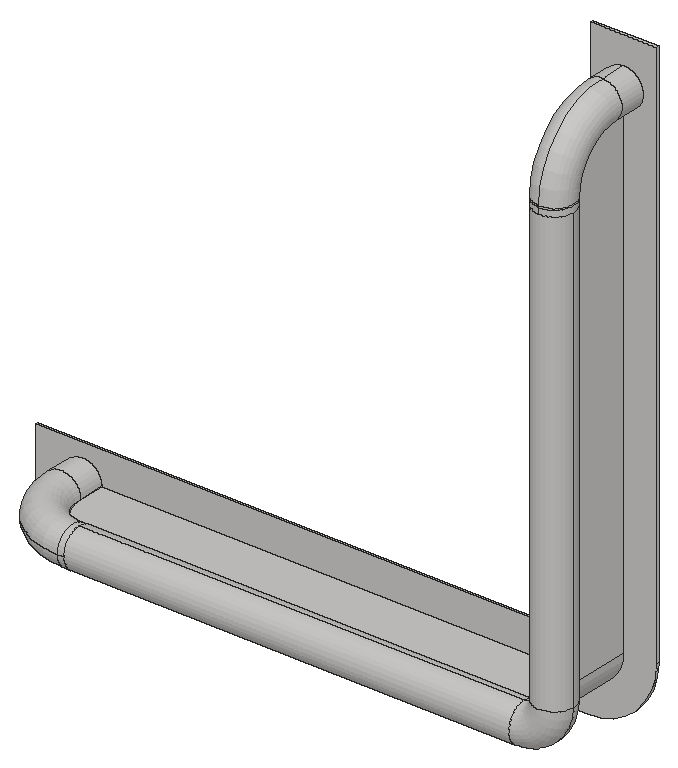
Revit family "Specialty Equipment_Grab Rail_Metlam_MLR 112-AL", category Specialty Equipment, Revit 2014
Parameters (values of type "450w x 450h x 90d")
  URL = "http://www.metlam.com.au/"
  Type Comments = "Grab Rails"  # constant formula
  ModifiedIssue_ANZRS = 20151029  # constant formula
  Model = "MLR 112-AL"
  Manufacturer_Overall Width = 450 mm  # constant formula
  Grab Rail Material = z_Metlam_Stainless Steel
  Manufacturer_URL__Product Specific = "http://metlam.com.au/product/content/anti-ligature-products/MLR112-AL"
  Manufacturer_URL_Home Page = "http://www.metlam.com.au/"
  Manufacturer_Spec Code = Model  # "MLR 112-AL"
  Manufacturer_Overall Height = 450 mm  # constant formula
  Manufacturer_Overall Depth = 90 mm  # constant formula
  Manufacturer_Height From FFL [instance] = 805 mm
  Manufacturer = "Metlam"  # constant formula
  Keynote = ""
  Description = "90° Ambulant Anti- Ligature Grab Rail"  # constant formula
  CreatedBy_ANZRS = "IGS - BIM Solutions"  # constant formula
  CreatedByURL_ANZRS = "http://www.igsgroup.com.au/"
  Assembly Code = "C1030200"
Reference planes
  plane 1 "Back": y = 0
  plane 2 "Origin": z = 0
  plane 3 "Centre of Grab": z = 789
  plane 4 "Left": x = -850
  plane 5 "Front": y = -90
  plane 6 "Right": x = -400
  plane 7 "Top": z = 1239
  plane 8 "Mounting Height": z = 805
  plane 9 "Center (Front/Back)": x = -625
Forms (mm)
  Sweep 1, solid, material "z_Metlam_Stainless Steel" <- "Grab Rail Material"
    path origin (0, 0, 0) x (1, 0, 0) y (0, 0, 1)
      loop
        line (-795, 789) -> (-425, 789)
        arc (-425, 789) -> (-407.322, 796.322) -> (-400, 814) r 25
        line (-400, 814) -> (-400, 1182.713)
    profile origin (-610, 0, 789) x (0, 0, 1) y (0, -1, 0)
      loop
        circle (0, 74) r 16
  Sweep 2, solid, material "z_Metlam_Stainless Steel" <- "Grab Rail Material"
    path origin (-166.031, 0, 789) x (0, -1, 0) y (1, 0, 0)
      loop
        line (0, -683.969) -> (24, -683.969)
        arc (24, -683.969) -> (59.355, -669.325) -> (74, -633.969) r 50
        line (74, -633.969) -> (74, -628.969)
    profile origin (-797.5, -74, 789) x (0, 1, 0) y (0, 0, 1)
      loop
        circle (0, 0) r 16
  Sweep 3, solid, material "z_Metlam_Stainless Steel" <- "Grab Rail Material"
    path origin (-400, 0, 0) x (0, 1, 0) y (0, 0, 1)
      loop
        line (0, 1239) -> (-24, 1239)
        arc (-24, 1239) -> (-59.355, 1224.355) -> (-74, 1189) r 50
        line (-74, 1189) -> (-74, 1187.713) -> (-74, 1182.713)
    profile origin (-400, -12, 1239) x (0, 0, -1) y (1, 0, 0)
      loop
        circle (0, 0) r 16
  Sweep 4, solid, material "z_Metlam_Stainless Steel" <- "Grab Rail Material"
    path origin (0, 0, 0) x (1, 0, 0) y (0, 0, 1)
      loop
        line (-889, 789) -> (-430, 789)
        arc (-430, 789) -> (-408.787, 797.787) -> (-400, 819) r 30
        line (-400, 819) -> (-400, 1278)
    profile origin (-659.5, 0, 789) x (0, 0, 1) y (0, -1, 0)
      loop
        line (27.5, 0) -> (27.5, 2) -> (-27.5, 2) -> (-27.5, 0) -> (27.5, 0)
  Sweep 5, solid, material "z_Metlam_Stainless Steel" <- "Grab Rail Material"
    path origin (0, 0, 0) x (1, 0, 0) y (0, 0, 1)
      loop
        line (-850, 786.5) -> (-430, 786.5)
        arc (-430, 786.5) -> (-408.787, 795.287) -> (-400, 816.5) r 30
        line (-400, 816.5) -> (-400, 1239)
    profile origin (-640, 0, 786.5) x (0, 0, 1) y (0, -1, 0)
      loop
        line (0.5, 2) -> (2.5, 2) -> (2.5, 58.197) -> (0.5, 58.197) -> (0.5, 2)
Cuts and joins
  joined: Sweep 1, Sweep 2, Sweep 3
Lines and regions (mm)
  Masking region 1
    outline origin (0, 0, 789) x (-1, 0, 0) y (0, -1, 0)
      loop
        line (384, 2) -> (372.5, 2) -> (372.5, 0) -> (889, 0) -> (889, 2) -> (866, 2) -> (866, 24)
        arc (866, 24) -> (846.669, 70.669) -> (800, 90) r 66
        line (800, 90) -> (400, 90)
        arc (400, 90) -> (388.686, 85.314) -> (384, 74) r 16
        line (384, 74) -> (384, 2)
  Masking region 2
    outline origin (0, -90, 0) x (-1, 0, 0) y (0, 0, 1)
      loop
        arc (430, 816.5) -> (428.232, 817.232) -> (427.5, 819) r 2.5
        line (427.5, 819) -> (427.5, 1278) -> (372.5, 1278) -> (372.5, 819)
        arc (372.5, 819) -> (389.341, 778.341) -> (430, 761.5) r 57.5
        line (430, 761.5) -> (889, 761.5) -> (889, 816.5) -> (430, 816.5)
  Masking region 3
    outline origin (-850, 0, 0) x (0, 1, 0) y (0, 0, 1)
      loop
        line (-2, 1277.984) -> (-2, 1255) -> (-24.142, 1255)
        arc (-24.142, 1255) -> (-70.711, 1235.711) -> (-90, 1189.142) r 65.858
        line (-90, 1189.142) -> (-90, 789)
        arc (-90, 789) -> (-85.314, 777.686) -> (-74, 773) r 16
        line (-74, 773) -> (-2, 773) -> (-2, 761.5) -> (0, 761.5) -> (0, 1277.984) -> (-2, 1277.984)
  symbolic lines, style "Grab Rails", detail levels medium+fine
    curve 1: line (-383.999, -2, 789) -> (-866, -2, 789)
    curve 2: line (-850, -2, 1255) -> (-850, -2, 773)
    curve 3: arc (-850, -90, 773) -> (-866, -90, 789) -> (-850, -90, 805) r 16
    curve 4: line (-850, -90, 773) -> (-424.977, -90, 773)
    curve 5: line (-425.03, -90, 805) -> (-850, -90, 805)
    curve 6: arc (-850, -74, 773) -> (-850, -77.864, 773.474) -> (-850, -81.5, 774.867) r 16
    curve 7: line (-850, -66.5, 773) -> (-850, -74, 773)
    curve 8: arc (-416, -90, 1239) -> (-400, -90, 1255) -> (-384, -90, 1239) r 16
    curve 9: line (-384, -90, 1239) -> (-384, -90, 813.977)
    curve 10: line (-416, -90, 1239) -> (-416, -90, 814.03)
    curve 11: line (-416, -74, 789) -> (-416, -2, 789)
    curve 12: arc (-416, -74, 789) -> (-411.314, -85.314, 789) -> (-400, -90, 789) r 16
    curve 13: line (-416, -58, 789) -> (-800, -58, 789)
    curve 14: arc (-800, -58, 789) -> (-824.042, -48.042, 789) -> (-834, -24, 789) r 34
    curve 15: line (-834, -24, 789) -> (-834, -2, 789)
    curve 17: arc (-425.03, -90, 805) -> (-418.645, -90, 807.645) -> (-416, -90, 814.03) r 9.03
    curve 18: arc (-384, -90, 813.977) -> (-396.002, -90, 785.002) -> (-424.977, -90, 773) r 40.977
    curve 19: line (-850, -24, 1223) -> (-850, -2, 1223)
    curve 20: arc (-850, -58, 1189) -> (-850, -48.042, 1213.042) -> (-850, -24, 1223) r 34
    curve 21: line (-850, -58, 805) -> (-850, -58, 1189)
    curve 22: line (-850, -2, 805) -> (-850, -58, 805)
  symbolic lines, style "Grab Rails", detail levels fine
    curve 16: line (-427.5, -2, 789) -> (-427.5, 0, 789)
    curve 23: line (-850, 0, 816.5) -> (-850, -2, 816.5)
Text (mm)
  text "Disclaimer:\n\nDue to ongoing product development and manufacturing evolution, product details are subject to change without notice.\n\nPlease refer to product technical data sheets on www.metlam.com.au for the most current product information.\n\nPlease allow a +/- 5mm tolerance for dimensions and set-outs shown in product literature.\n\n© Metlam 2015" at (-59.347, 377.66, 0), in view "Ref. Level_Instruction"
Dimensions and locks
  "Manufacturer_Height From FFL": plane 8 "Mounting Height" to plane 2 "Origin"
  "Manufacturer_Overall Width": plane 4 "Left" to plane 6 "Right"
  "Manufacturer_Overall Depth": plane 5 "Front" to plane 1 "Back"
  "Manufacturer_Overall Height": plane 7 "Top" to plane 3 "Centre of Grab"
  locked: plane 3 "Centre of Grab" to plane 8 "Mounting Height" at 16
  equal spacing: plane 4 "Left", plane 9 "Center (Front/Back)", plane 6 "Right"
  aligned and locked: level to plane 2 "Origin"
Automatic sketch dimensions
  curve 3 to plane 4 "Left" = 0 mm
  plane 1 "Back" to Sweep 1 sketch curve = 74 mm
  profile plane to Sweep 1 sketch curve = 0 mm
  Sweep 2 sketch curve to plane 3 "Centre of Grab" = 0 mm
  Sweep 2 sketch curve to profile plane = 0 mm
  Sweep 3 sketch curve to profile plane = 0 mm
  Sweep 1 sketch curve to plane 3 "Centre of Grab" = 0 mm
  Sweep 1 sketch curve to plane 6 "Right" = 0 mm
  Sweep 1 sketch curve to plane 6 "Right" = 25 mm
  plane 4 "Left" to Sweep 1 sketch curve = 55 mm
  Sweep 1 sketch curve to plane 7 "Top" = 56.287 mm
  Sweep 4 sketch curve to plane 1 "Back" = 0 mm
  profile plane to Sweep 4 sketch curve = 27.5 mm
  plane 1 "Back" to Sweep 4 sketch curve = 2 mm
  plane 1 "Back" to Sweep 2 sketch curve = 0 mm
  Sweep 2 sketch curve to plane 4 "Left" = 0 mm
  plane 1 "Back" to Sweep 2 sketch curve = 24 mm
  plane 5 "Front" to Sweep 2 sketch curve = 16 mm
  Sweep 2 sketch curve to Sweep 2 sketch curve = 5 mm
  Sweep 3 sketch curve to plane 7 "Top" = 0 mm
  Sweep 3 sketch curve to plane 1 "Back" = 0 mm
  Sweep 3 sketch curve to Sweep 3 sketch curve = 24 mm
  plane 5 "Front" to Sweep 3 sketch curve = 16 mm
  Sweep 3 sketch curve to Sweep 3 sketch curve = 1.287 mm
  Sweep 3 sketch curve to Sweep 3 sketch curve = 5 mm
  Sweep 4 sketch curve to plane 3 "Centre of Grab" = 0 mm
  Sweep 4 sketch curve to plane 6 "Right" = 0 mm
  Sweep 4 sketch curve to plane 6 "Right" = 30 mm
  Sweep 4 sketch curve to plane 4 "Left" = 39 mm
  plane 7 "Top" to Sweep 4 sketch curve = 39 mm
  Sweep 5 sketch curve to profile plane = 0.5 mm
  Sweep 5 sketch curve to profile plane = 2.5 mm
  Sweep 5 sketch curve to Sweep 5 sketch curve = 56.197 mm
  plane 1 "Back" to Sweep 5 sketch curve = 2 mm
  Sweep 5 sketch curve to plane 3 "Centre of Grab" = 2.5 mm
  Sweep 5 sketch curve to plane 4 "Left" = 0 mm
  Sweep 5 sketch curve to plane 6 "Right" = 0 mm
  Sweep 5 sketch curve to plane 7 "Top" = 0 mm
  Sweep 5 sketch curve to Sweep 5 sketch curve = 30 mm
  Sweep 4 sketch curve to profile plane = 27.5 mm
  plane 1 "Back" to curve 16 = 0 mm
  plane 6 "Right" to curve 1 = 16.001 mm
  plane 1 "Back" to curve 16 = 2 mm
  curve 11 to curve 16 = 11.5 mm
  curve 1 to plane 4 "Left" = 16 mm
  Sweep 3 sketch curve to plane 6 "Right" = 0 mm
  curve 3 to plane 3 "Centre of Grab" = 0 mm
  curve 4 to curve 3 = 16 mm
  curve 23 to plane 1 "Back" = 0 mm
  plane 1 "Back" to curve 20 = 24 mm
  plane 3 "Centre of Grab" to curve 21 = 16 mm
  plane 5 "Front" to curve 21 = 32 mm
  curve 21 to plane 7 "Top" = 50 mm
  plane 1 "Back" to curve 22 = 2 mm
  curve 22 to curve 23 = 11.5 mm
  curve 12 to plane 6 "Right" = 0 mm
  plane 1 "Back" to curve 14 = 24 mm
  plane 5 "Front" to curve 12 = 16 mm
  curve 13 to plane 6 "Right" = 16 mm
  plane 4 "Left" to curve 15 = 16 mm
  curve 13 to curve 11 = 16 mm
  plane 1 "Back" to Masking region 1 sketch curve = 0 mm
  Masking region 1 sketch curve to plane 6 "Right" = 0 mm
  plane 1 "Back" to Masking region 1 sketch curve = 2 mm  (x2)
  plane 6 "Right" to Masking region 1 sketch curve = 16 mm
  Masking region 1 sketch curve to Masking region 1 sketch curve = 11.5 mm
  plane 1 "Back" to Masking region 1 sketch curve = 24 mm
  plane 4 "Left" to Masking region 1 sketch curve = 50 mm
  Masking region 1 sketch curve to plane 4 "Left" = 16 mm
  Masking region 1 sketch curve to Masking region 1 sketch curve = 23 mm
  Masking region 2 sketch curve to Masking region 2 sketch curve = 0 mm  (x2)
  plane 6 "Right" to Masking region 2 sketch curve = 27.5 mm
  Masking region 2 sketch curve to plane 6 "Right" = 27.5 mm
  Masking region 2 sketch curve to Masking region 2 sketch curve = 2.5 mm
  Masking region 2 sketch curve to plane 4 "Left" = 39 mm
  Masking region 2 sketch curve to plane 3 "Centre of Grab" = 27.5 mm
  plane 7 "Top" to Masking region 2 sketch curve = 39 mm
  curve 9 to plane 7 "Top" = 0 mm
  curve 8 to plane 6 "Right" = 0 mm
  curve 18 to curve 5 = 0.053 mm
  curve 5 to curve 18 = 8.977 mm
  curve 18 to curve 17 = 0.053 mm
  Masking region 3 sketch curve to plane 5 "Front" = 0 mm
  Masking region 3 sketch curve to plane 3 "Centre of Grab" = 0 mm
  Masking region 3 sketch curve to plane 1 "Back" = 0 mm
  Masking region 3 sketch curve to plane 3 "Centre of Grab" = 16 mm
  plane 1 "Back" to Masking region 3 sketch curve = 24.142 mm
  plane 1 "Back" to Masking region 3 sketch curve = 2 mm  (x2)
  Masking region 3 sketch curve to Masking region 3 sketch curve = 11.5 mm
  Masking region 3 sketch curve to plane 7 "Top" = 49.858 mm
  Masking region 3 sketch curve to Masking region 3 sketch curve = 22.984 mm
  curve 6 to plane 3 "Centre of Grab" = 0 mm
  plane 5 "Front" to curve 6 = 16 mm
  curve 6 to curve 7 = 7.5 mm  (x2)
  curve 6 to plane 3 "Centre of Grab" = 14.133 mm
  curve 2 to plane 3 "Centre of Grab" = 16 mm
  plane 7 "Top" to curve 2 = 16 mm
  radius of Sweep 1 sketch curve = 16 mm
  radius of Sweep 2 sketch curve = 16 mm
  radius of Sweep 3 sketch curve = 16 mm
